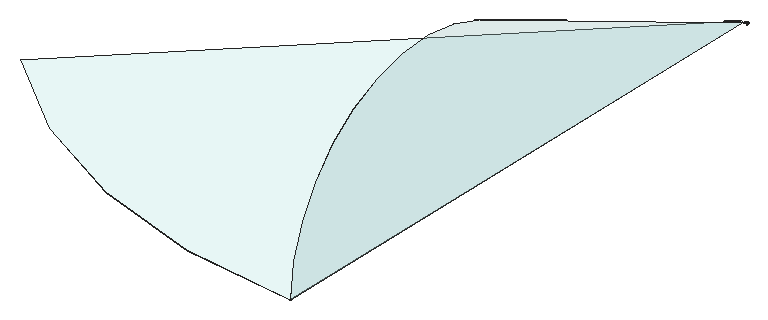
Revit family "Rotor XLR Series - XLRADJBSP", category Acessórios do tubo, Revit 2020
Family settings
  Cota do conector redondo = Utilizar diâmetro
  Tipo de parte = Normal
  Número OmniClass = 23.60.30.11.14
  Título OmniClass = Pipework Fittings
  Com base no plano de trabalho = Não
  Sempre na vertical = Sim
  Corte com vazios quando carregada = Não
  Compartilhado = Não
Parameters (values of type "Nozzle 1.10")
  Water = Water
  URL = "https://www.rainbird.com/"
  TABLE 90 = "TABLE 90psi"
  TABLE 80 = "TABLE 80psi"
  TABLE 60 = "TABLE 60psi"
  TABLE 70 = "TABLE 70psi"
  TABLE 50 = "TABLE 50psi"
  TABLE 40 = "TABLE 40psi"
  TABLE 30 = "TABLE 30psi"
  TABLE 120 = "TABLE 120psi"
  TABLE 110 = "TABLE 110psi"
  TABLE 100 = "TABLE 100psi"
  SupportProjetos: Reviw Date = ""  # constant formula
  SupportProjetos: Reviw = "R00"  # constant formula
  SupportProjetos: Level of Detail = "LOD 300"  # constant formula
  SupportProjetos: Developed = "MICHEL SOARES MOTA"  # constant formula
  SupportProjetos: Creation Date = "14/08/2020"  # constant formula
  Side inlet = no
  Rotation Water Visibility [instance] = Pop up on  # yes
  Rotation Angle [instance] = 45.00°
  RainBird: Product Link = "https://www.rainbird.com/"
  RainBird: Description = "XLRADJBSP Rotor "  # constant formula
  RainBird: Comment [instance] = ""
  RainBird: Code = "XLRADJBSP"  # constant formula
  Radius [instance] = if(and(Pressure = 30.0 psi, Instance < 10 ft), size_lookup(TABLE 30, "Radius", 0 ft, Instance), if(and(Pressure = 40.0 psi, Instance < 19 ft), size_lookup(TABLE 40, "Radius", 0 ft, Instance), if(and(Pressure = 50.0 psi, Instance < 19 ft), size_lookup(TABLE 50, "Radius", 0 ft, Instance), if(and(Pressure = 60.0 psi, Instance < 19 ft), size_lookup(TABLE 60, "Radius", 0 ft, Instance), if(and(Pressure = 70.0 psi, Instance < 19 ft), size_lookup(TABLE 70, "Radius", 0 ft, Instance), if(and(Pressure = 80.0 psi, Instance < 19 ft), size_lookup(TABLE 80, "Radius", 0 ft, Instance), if(and(Pressure = 90.0 psi, Instance < 19 ft), size_lookup(TABLE 90, "Radius", 0 ft, Instance), if(and(Pressure = 100.0 psi, Instance < 19 ft), size_lookup(TABLE 100, "Radius", 0 ft, Instance), if(and(Pressure = 110.0 psi, Instance < 19 ft), size_lookup(TABLE 100, "Radius", 0 ft, Instance), if(and(Pressure = 120.0 psi, Instance > 10 ft), size_lookup(TABLE 120, "Radius", 0 ft, Instance), 0 ft))))))))))  # 104 ft
  RT = 0.009893 ft
  RN = 0.044578 ft
  R5 = 0.03937 ft
  R4 = 0.052124 ft
  R3 = 0.065617 ft
  R2 = 0.088998 ft
  R1 = 0.032808 ft
  Pressure [instance] = 30.0 psi
  Pop up height = 0.164042 ft
  Pop up on [instance] = yes
  Modelo = "XLRADJNPT"  # constant formula
  Instance = 9 ft
  H1 = Body height / 3  # 0.047351 ft
  Gray Plastic = Gray Plastic
  Flow [instance] = if(and(Pressure = 30.0 psi, Instance < 10 ft), size_lookup(TABLE 30, "Flow", 0.0 GPM, Instance), if(and(Pressure = 40.0 psi, Instance < 19 ft), size_lookup(TABLE 40, "Flow", 0.0 GPM, Instance), if(and(Pressure = 50.0 psi, Instance < 19 ft), size_lookup(TABLE 50, "Flow", 0.0 GPM, Instance), if(and(Pressure = 60.0 psi, Instance < 19 ft), size_lookup(TABLE 60, "Flow", 0.0 GPM, Instance), if(and(Pressure = 70.0 psi, Instance < 19 ft), size_lookup(TABLE 70, "Flow", 0.0 GPM, Instance), if(and(Pressure = 80.0 psi, Instance < 19 ft), size_lookup(TABLE 80, "Flow", 0.0 GPM, Instance), if(and(Pressure = 90.0 psi, Instance < 19 ft), size_lookup(TABLE 90, "Flow", 0.0 GPM, Instance), if(and(Pressure = 100.0 psi, Instance < 19 ft), size_lookup(TABLE 100, "Flow", 0.0 GPM, Instance), if(and(Pressure = 110.0 psi, Instance < 19 ft), size_lookup(TABLE 100, "Flow", 0.0 GPM, Instance), if(and(Pressure = 120.0 psi, Instance > 10 ft), size_lookup(TABLE 120, "Flow", 0.0 GPM, Instance), 0.0 GPM))))))))))  # 189.0 GPM
  Fabricante = "Rain Bird"
  Elevação padrão = 0 ft
  Description = RainBird: Description  # "XLRADJBSP Rotor "
  DD13 = 0.002625 ft
  DD12 = 0.003937 ft
  DD11 = 0.009897 ft
  DD10 = 0.016404 ft
  DD8 [instance] = if(Pop up on, Pop up height, 0 ft)  # 0.164042 ft
  DD7 = 0.019685 ft
  DD6 [instance] = 0.016404 ft
  DD5 = 0.065617 ft
  DD4 = 0.82021 ft
  DD3 = 0.044055 ft
  DD2 [instance] = 0.024514 ft
  DD9 [instance] = if(Pop up on, Pop up height + 0.049541 ft, 0.026247 ft)  # 0.213583 ft
  DD1 = 0.006562 ft
  DD = 0.492126 ft
  Conection = 0.062664 ft  # constant formula
  Cobre = Cobre
  Body height = 0.142054 ft
  Blue = Blue Plastic
  Black Plastic = Black Plastic
  Angle = 24.00°
Types (10, lengths in ft): name | Radius | Instance | Flow | Angle
  (no name) | 104 | 9 | 189.0 GPM | 24.00°
  Nozzle 0.47 | 81 | 1 | 35.0 GPM | 25.00°
  Nozzle 0.55 | 88 | 2 | 48.0 GPM | 25.00°
  Nozzle 0.63 | 96 | 3 | 62.0 GPM | 25.00°
  Nozzle 0.71 | 98 | 4 | 78.0 GPM | 25.00°
  Nozzle 0.79 | 99 | 5 | 97.0 GPM | 25.00°
  Nozzle 0.87 | 101 | 6 | 117.0 GPM | 25.00°
  Nozzle 0.94 | 102 | 7 | 139.0 GPM | 25.00°
  Nozzle 1.02 | 103 | 8 | 164.0 GPM | 25.00°
  Nozzle 1.10 | 104 | 9 | 189.0 GPM | 24.00°
Reference planes (ft)
  plane 1 "Centro (Frente/Trás)": y = 0
  plane 2: z = 0
  plane 3 "Centro (Esquerda/Direita)": x = 0
  plane 4: z = 0.003937
  plane 5: z = 0.002625
  plane 6: y = -0.065617
Forms (ft)
  Revolve 1, solid, material "Cobre" <- "Cobre"
    sketch origin (0, 0, 0) x (1, 0, 0) y (0, 0, 1)
      loop
        line (0.088998, -0.044055) -> (0.088998, -0.016154) -> (0.110538, -0.016154) -> (0.110538, 0.02344)
        arc (0.110538, 0.02344) -> (0.108361, 0.028697) -> (0.103103, 0.030875) r 0.007435
        line (0.103103, 0.030875) -> (0.088998, 0.030875) -> (0.088998, 0.041745) -> (0.075211, 0.041745) -> (0.075211, 0.046088) -> (0.006562, 0.046088) -> (0.006562, -0.044055) -> (0.03937, -0.044055) -> (0.03937, -0.051181) -> (0.019685, -0.051181) -> (0.019685, -0.138545) -> (0.044578, -0.138545) -> (0.044578, -0.142054) -> (0.052124, -0.142054) -> (0.052124, -0.138545) -> (0.073088, -0.138545)
        arc (0.073088, -0.138545) -> (0.080084, -0.135647) -> (0.082981, -0.128652) r 0.009893
        line (0.082981, -0.128652) -> (0.082981, -0.044055) -> (0.088998, -0.044055)
      axis (0, -0.142054) -> (0, 0.046088)
    angle from 0 to 360
  Extrusion 2, solid, material "Water" <- "Water", visible <- "Rotation Water Visibility"
    sketch origin (0, 0, 0) x (0, 1, 0) y (0, 0, 1)
      loop
        line (-0.82021, 0.494751) -> (-61.375696, 27.45579)
        arc (-61.375696, 27.45579) -> (-90.239007, 25.482231) -> (-104.82021, 0.494751) r 30.901722
        line (-104.82021, 0.494751) -> (-0.82021, 0.494751)
    from -0.008202 to 0.008202
  Extrusion 3, solid, material "Gray Plastic" <- "Gray Plastic", visible <- "Pop up on"
    sketch origin (-0.00137, -0.002795, -0.035698) x (-0.00469, 0.999989, 0) y (0, 0, 1)
      loop
        line (-0.060666, 0.164299) -> (-0.067193, 0.150302) -> (-0.091523, 0.174632) -> (-0.076533, 0.180087) -> (-0.173316, 0.23824) -> (-0.173316, 0.217407) -> (-0.777521, 0.499153) -> (-0.786354, 0.485017)
        arc (-0.786354, 0.485017) -> (-0.787942, 0.475525) -> (-0.782353, 0.46769) r 0.012575
        line (-0.782353, 0.46769) -> (-0.563338, 0.330834) -> (-0.571008, 0.316408) -> (-0.564625, 0.307292)
        arc (-0.564625, 0.307292) -> (-0.552881, 0.296049) -> (-0.537729, 0.290157) r 0.041667
        line (-0.537729, 0.290157) -> (-0.503282, 0.284083) -> (-0.499035, 0.292071) -> (-0.201965, 0.134116) -> (-0.233075, 0.094297) -> (-0.213694, 0.081224) -> (-0.155969, 0.155109)
        arc (-0.155969, 0.155109) -> (-0.142811, 0.162859) -> (-0.127902, 0.159554) r 0.020833
        line (-0.127902, 0.159554) -> (-0.062866, 0.115687) -> (-0.062866, 0.094673) -> (-0.085994, 0.088245) -> (-0.070938, 0.081224) -> (0.037968, 0.081224) -> (0.040501, 0.065363) -> (0.040501, 0.035698) -> (0.04524, 0.035698) -> (0.050298, 0.081224) -> (0.050298, 0.100559) -> (0.072978, 0.106863)
        arc (0.072978, 0.106863) -> (0.078924, 0.117387) -> (0.068401, 0.123333) r 0.008547
        line (0.068401, 0.123333) -> (0.050298, 0.110657) -> (0.050298, 0.157737)
        arc (0.050298, 0.157737) -> (0.048376, 0.162377) -> (0.043737, 0.164299) r 0.006562
        line (0.043737, 0.164299) -> (-0.060666, 0.164299)
      loop
        line (-0.034211, 0.143466) -> (-0.034211, 0.125376) -> (-0.014598, 0.11623) -> (0.01821, 0.11623) -> (0.040501, 0.108117) -> (0.040501, 0.143466) -> (-0.034211, 0.143466)
      loop
        line (-0.034211, 0.107286) -> (-0.014889, 0.094253) -> (0.040501, 0.094253) -> (0.040501, 0.104202) -> (0.016551, 0.106863) -> (-0.016257, 0.106863) -> (-0.034211, 0.118973) -> (-0.034211, 0.107286)
      loop
        line (-0.489598, 0.297212) -> (-0.199671, 0.149812) -> (-0.182085, 0.167398)
        arc (-0.182085, 0.167398) -> (-0.179498, 0.175243) -> (-0.184266, 0.18199) r 0.009177
        line (-0.184266, 0.18199) -> (-0.471989, 0.334974) -> (-0.489598, 0.297212)
    from -0.012219 to 0.012755
  Blend 4, solid, material "Gray Plastic" <- "Gray Plastic"
    base sketch origin (0, 0, 0.06238) x (1, 0, 0) y (0, 0, 1)
      loop
        circle (-0.001423, 0.087635) r 0.041667
    top sketch origin (0, 0, 0.06238) x (1, 0, 0) y (0, 0, 1)
      loop
        circle (0.000866, 0.336735) r 0.028016
    from 0 to 0.579976
  Extrusion 5, solid, material "Black Plastic" <- "Black Plastic"
    sketch origin (0, 0, 0) x (0, 1, 0) y (0, 0, 1)
      loop
        line (-0.579976, 0.3711) -> (-0.579976, 0.426781) -> (-0.609736, 0.440658) -> (-0.644818, 0.440658) -> (-0.696216, 0.454431) -> (-0.70502, 0.435549) -> (-0.648376, 0.409136) -> (-0.579976, 0.3711)
      loop
        line (-0.780261, 0.463406) -> (-0.726759, 0.438458) -> (-0.737248, 0.463167) -> (-0.776875, 0.476043) -> (-0.780261, 0.463406)
    from -0.0135 to 0.012198
  Extrusion 6, solid, material "Black Plastic" <- "Black Plastic"
    sketch origin (0, 0, 0) x (1, 0, 0) y (0, 1, 0)
      loop
        line (-0.048613, 0.053206) -> (-0.048613, -0.057819) -> (0.046082, -0.057819) -> (0.046082, 0.053206) -> (-0.048613, 0.053206)
      loop
        line (-0.013931, 0.047562) -> (-0.013931, -0.04228) -> (0.011642, -0.04228) -> (0.011642, 0.047562) -> (-0.013931, 0.047562)
    from 0.107768 to 0.175306
Dimensions and locks (ft)
  "Body height": level to Revolve 1 sketch curve
  "R2": Revolve 1 sketch curve to plane 3 "Centro (Esquerda/Direita)"
  "DD3": level to Revolve 1 sketch curve
  Revolve 1 sketch curve to plane 3 "Centro (Esquerda/Direita)" = 0.082981 ft
  "R4": Revolve 1 sketch curve to plane 3 "Centro (Esquerda/Direita)"
  "RN": Revolve 1 sketch curve to plane 3 "Centro (Esquerda/Direita)"
  "DD7": Revolve 1 sketch curve to plane 3 "Centro (Esquerda/Direita)"
  "DD12": plane 4 to level
  "DD13": plane 5 to level
  "R3": plane 6 to plane 1 "Centro (Frente/Trás)"
  "DD4": plane 1 "Centro (Frente/Trás)" to Extrusion 2 sketch curve
  "Radius": Extrusion 2 sketch curve to Extrusion 2 sketch curve
  equal spacing: Extrusion 2, plane 3 "Centro (Esquerda/Direita)", Extrusion 2
  "DD6": Extrusion 2 to Extrusion 2
  "DD": Extrusion 2 sketch curve to plane 5
  "RT": radius of Revolve 1 sketch curve
  "Angle": angle Extrusion 2 sketch curve to Extrusion 2 sketch curve
  aligned and locked: level to plane 2
  aligned and locked: Revolve 1 sketch curve to Revolve 1 sketch curve
Automatic sketch dimensions
  Blend 4 sketch curve to plane 3 "Centro (Esquerda/Direita)" = 0.001423 ft
  plane 4 to Blend 4 sketch curve = 0.146078 ft
  plane 3 "Centro (Esquerda/Direita)" to Blend 4 sketch curve = 0.000866 ft
  plane 4 to Blend 4 sketch curve = 0.395179 ft
  Extrusion 5 sketch curve to plane 6 = 0.711258 ft
  Extrusion 5 sketch curve to Extrusion 5 sketch curve = 0.039627 ft
  Extrusion 5 sketch curve to Extrusion 5 sketch curve = 0.032227 ft
  plane 4 to Extrusion 5 sketch curve = 0.450494 ft
  Extrusion 5 sketch curve to Extrusion 5 sketch curve = 0.008805 ft
  Extrusion 5 sketch curve to Extrusion 5 sketch curve = 0.056644 ft
  Extrusion 5 sketch curve to Extrusion 5 sketch curve = 0.003558 ft
  Extrusion 5 sketch curve to Extrusion 5 sketch curve = 0.035082 ft
  Extrusion 5 sketch curve to Extrusion 5 sketch curve = 0.02976 ft
  Extrusion 5 sketch curve to Extrusion 5 sketch curve = 0.013772 ft
  Extrusion 5 sketch curve to Extrusion 5 sketch curve = 0.018881 ft
  Extrusion 5 sketch curve to Extrusion 5 sketch curve = 0.013877 ft
  Extrusion 5 sketch curve to Extrusion 5 sketch curve = 0.055681 ft
  Extrusion 5 sketch curve to Extrusion 5 sketch curve = 0.008737 ft
  Extrusion 5 sketch curve to Extrusion 5 sketch curve = 0.012876 ft
  Extrusion 5 sketch curve to Extrusion 5 sketch curve = 0.003386 ft
  Extrusion 5 sketch curve to Extrusion 5 sketch curve = 0.021739 ft
  Extrusion 5 sketch curve to Extrusion 5 sketch curve = 0.002909 ft
  Extrusion 5 sketch curve to Extrusion 5 sketch curve = 0.012637 ft
  level to Extrusion 3 sketch curve = 0 ft
  plane 4 to Extrusion 3 sketch curve = 0.445383 ft
  plane 4 to Extrusion 3 sketch curve = 0.428055 ft
  Extrusion 3 sketch curve to Extrusion 3 sketch curve = 0.004 ft
  plane 4 to Extrusion 3 sketch curve = 0.459518 ft
  Extrusion 3 sketch curve to Extrusion 3 sketch curve = 0.008833 ft
  Extrusion 3 sketch curve to Extrusion 3 sketch curve = 0.010664 ft
  plane 4 to Extrusion 3 sketch curve = 0.276773 ft
  Extrusion 3 sketch curve to Extrusion 3 sketch curve = 0.211345 ft
  plane 4 to Extrusion 3 sketch curve = 0.267657 ft
  Extrusion 3 sketch curve to Extrusion 3 sketch curve = 0.006383 ft
  plane 4 to Extrusion 3 sketch curve = 0.291199 ft
  Extrusion 3 sketch curve to Extrusion 3 sketch curve = 0.00767 ft
  plane 4 to Extrusion 3 sketch curve = 0.250523 ft
  Extrusion 3 sketch curve to Extrusion 3 sketch curve = 0.026896 ft
  Extrusion 3 sketch curve to Extrusion 3 sketch curve = 0.032844 ft
  plane 4 to Extrusion 3 sketch curve = 0.244449 ft
  Extrusion 3 sketch curve to Extrusion 3 sketch curve = 0.034447 ft
  plane 4 to Extrusion 3 sketch curve = 0.252436 ft
  Extrusion 3 sketch curve to Extrusion 3 sketch curve = 0.004247 ft
  plane 4 to Extrusion 3 sketch curve = 0.257577 ft
  Extrusion 3 sketch curve to Extrusion 3 sketch curve = 0.009437 ft
  plane 4 to Extrusion 3 sketch curve = 0.29534 ft
  Extrusion 3 sketch curve to Extrusion 3 sketch curve = 0.017609 ft
  plane 4 to Extrusion 3 sketch curve = 0.054662 ft
  Extrusion 3 sketch curve to Extrusion 3 sketch curve = 0.256523 ft
  plane 4 to Extrusion 3 sketch curve = 0.041589 ft  (x2)
  Extrusion 3 sketch curve to Extrusion 3 sketch curve = 0.019381 ft
  plane 4 to Extrusion 3 sketch curve = 0.094481 ft
  plane 4 to Extrusion 3 sketch curve = 0.110178 ft
  Extrusion 3 sketch curve to Extrusion 3 sketch curve = 0.002294 ft
  Extrusion 3 sketch curve to Extrusion 3 sketch curve = 0.011097 ft
  plane 4 to Extrusion 3 sketch curve = 0.142355 ft
  Extrusion 3 sketch curve to Extrusion 3 sketch curve = 0.004308 ft
  plane 4 to Extrusion 3 sketch curve = 0.127763 ft
  Extrusion 3 sketch curve to Extrusion 3 sketch curve = 0.006489 ft
  Extrusion 3 sketch curve to Extrusion 3 sketch curve = 0.01095 ft
  plane 4 to Extrusion 3 sketch curve = 0.115474 ft
  Extrusion 3 sketch curve to Extrusion 3 sketch curve = 0.026117 ft
  Extrusion 3 sketch curve to Extrusion 3 sketch curve = 0.016417 ft
  plane 4 to Extrusion 3 sketch curve = 0.119919 ft
  Extrusion 3 sketch curve to Extrusion 3 sketch curve = 0.01165 ft
  plane 4 to Extrusion 3 sketch curve = 0.134997 ft
  Extrusion 3 sketch curve to Extrusion 3 sketch curve = 0.036379 ft
  plane 4 to Extrusion 3 sketch curve = 0.04861 ft
  Extrusion 3 sketch curve to Extrusion 3 sketch curve = 0.053557 ft
  plane 4 to Extrusion 3 sketch curve = 0.140453 ft
  Extrusion 3 sketch curve to Extrusion 3 sketch curve = 0.01499 ft
  Extrusion 3 sketch curve to Extrusion 3 sketch curve = 0.015057 ft
  plane 4 to Extrusion 3 sketch curve = 0.110667 ft
  Extrusion 3 sketch curve to Extrusion 3 sketch curve = 0.00934 ft
  plane 4 to Extrusion 3 sketch curve = 0.055039 ft
  Extrusion 3 sketch curve to Extrusion 3 sketch curve = 0.008072 ft
  plane 4 to Extrusion 3 sketch curve = 0.124664 ft
  Extrusion 3 sketch curve to Extrusion 3 sketch curve = 0.006527 ft
  plane 4 to Extrusion 3 sketch curve = 0.067651 ft
  Extrusion 3 sketch curve to Extrusion 3 sketch curve = 0.028655 ft
  Extrusion 3 sketch curve to Extrusion 3 sketch curve = 0 ft  (x3)
  plane 4 to Extrusion 3 sketch curve = 0.067228 ft  (x2)
  Extrusion 3 sketch curve to Extrusion 3 sketch curve = 0.017953 ft
  Extrusion 3 sketch curve to Extrusion 3 sketch curve = 0.001369 ft
  Extrusion 3 sketch curve to Extrusion 3 sketch curve = 0.001659 ft  (x2)
  Extrusion 3 sketch curve to Extrusion 3 sketch curve = 0.031149 ft
  Extrusion 3 sketch curve to Extrusion 3 sketch curve = 0.021417 ft
  plane 4 to Extrusion 3 sketch curve = 0.025729 ft
  Extrusion 3 sketch curve to Extrusion 3 sketch curve = 0.002534 ft  (x2)
  Extrusion 3 sketch curve to Extrusion 3 sketch curve = 0.022291 ft
  Extrusion 3 sketch curve to Extrusion 3 sketch curve = 0.003235 ft
  Extrusion 3 sketch curve to Extrusion 3 sketch curve = 0.004739 ft
  plane 4 to Extrusion 3 sketch curve = 0.071023 ft
  Extrusion 3 sketch curve to Extrusion 3 sketch curve = 0.009797 ft
  plane 4 to Extrusion 3 sketch curve = 0.060925 ft
  plane 4 to Extrusion 3 sketch curve = 0.083698 ft
  Extrusion 3 sketch curve to Extrusion 3 sketch curve = 0.018102 ft
  Extrusion 3 sketch curve to Extrusion 3 sketch curve = 0.002289 ft  (x2)
  Extrusion 3 sketch curve to Extrusion 3 sketch curve = 0.006306 ft
  Extrusion 3 sketch curve to Extrusion 3 sketch curve = 0.009949 ft
  Extrusion 3 sketch curve to Extrusion 3 sketch curve = 0.003915 ft
  Extrusion 3 sketch curve to Extrusion 3 sketch curve = 0.021013 ft
  Extrusion 3 sketch curve to Extrusion 3 sketch curve = 0.009367 ft
  Extrusion 3 sketch curve to Extrusion 3 sketch curve = 0.011687 ft
  Extrusion 3 sketch curve to Extrusion 3 sketch curve = 0.006403 ft
  Extrusion 3 sketch curve to Extrusion 3 sketch curve = 0.01809 ft
  Extrusion 3 sketch curve to Extrusion 3 sketch curve = 0.035417 ft
  Extrusion 3 sketch curve to Extrusion 3 sketch curve = 0.020833 ft
  plane 6 to Extrusion 6 sketch curve = 0.007798 ft
  Extrusion 6 sketch curve to plane 3 "Centro (Esquerda/Direita)" = 0.048613 ft
  Extrusion 6 sketch curve to plane 3 "Centro (Esquerda/Direita)" = 0.013931 ft
  plane 3 "Centro (Esquerda/Direita)" to Extrusion 6 sketch curve = 0.011642 ft
  Extrusion 6 sketch curve to Extrusion 6 sketch curve = 0.034439 ft
  plane 6 to Extrusion 6 sketch curve = 0.023337 ft
  Extrusion 6 sketch curve to plane 1 "Centro (Frente/Trás)" = 0.047562 ft
  Extrusion 6 sketch curve to Extrusion 6 sketch curve = 0.005644 ft
  Revolve 1 sketch curve to plane 3 "Centro (Esquerda/Direita)" = 0 ft
  plane 3 "Centro (Esquerda/Direita)" to Revolve 1 sketch curve = 0.006562 ft
  Revolve 1 sketch curve to Revolve 1 sketch curve = 0.019685 ft
  Revolve 1 sketch curve to Revolve 1 sketch curve = 0.013787 ft  (x2)
  Revolve 1 sketch curve to Revolve 1 sketch curve = 0.014105 ft
  Revolve 1 sketch curve to Revolve 1 sketch curve = 0.007435 ft
  Revolve 1 sketch curve to Revolve 1 sketch curve = 0.003509 ft
  Revolve 1 sketch curve to level = 0.051181 ft
  Revolve 1 sketch curve to Revolve 1 sketch curve = 0.007127 ft
  Revolve 1 sketch curve to level = 0.016154 ft
  plane 4 to Revolve 1 sketch curve = 0.019503 ft
  Revolve 1 sketch curve to Revolve 1 sketch curve = 0.010871 ft
  Revolve 1 sketch curve to Revolve 1 sketch curve = 0.004343 ft
  Revolve 1 sketch curve to Revolve 1 sketch curve = 0.074191 ft
  Revolve 1 sketch curve to Revolve 1 sketch curve = 0.918635 ft
  Extrusion 2 sketch curve to level = 0.774337 ft
  radius of Blend 4 sketch curve = 0.041667 ft
  radius of Blend 4 sketch curve = 0.028016 ft
Nested families (ft)
  nested 1: "Water" at (0.00015, 0, 0.375492) x (0, -1, 0) z (0, 0, 1), DT9 <- "DD4", Radius <- "Radius", visible <- "Rotation Water Visibility", Rotation Angle <- "Rotation Angle", type "Water"
    with Rotation Angle 45.00°, Radius 104 ft, DT9 0.82021 ft, DT8 0 ft, DT7 416 ft, DT4 520 ft, Angle 2 315.00°
Connectors (ft)
  piping at (0, 0, -0.142054), diameter 2
    settings: on Revolve 1, index 1, connector inside diameter 609.6 mm, connector length 0 ft, flow factor 0, pipe flow 0.0 GPM, pressure drop 0.0 psi, fitting loss kfactor 0, connector angle 0.00°, fixture units 0, engagement length 0 ft, angle of deflection 0.00°, flow configuration 0, flow direction 0, fitting loss method 0, system type 28, joint type 0, gender type 0, connector reference index -1, connector utility 0, adjustable connector no, is connector primary yes, connector description ""
Definition of nested family "Water"
  Parameters (values of type "Water")
    Water Visibility (Circle) = yes
    Water = none
    URL = ""
    SupportProjetos: Reviw Date = ""  # constant formula
    SupportProjetos: Level of Detail = "LOD 300"  # constant formula
    SupportProjetos: Developed = "MICHEL SOARES MOTA"  # constant formula
    SupportProjetos: Creation Date = "16/07/2020"  # constant formula
    Rotation Angle [instance] = 90.00°
    Reviw = "R00"  # constant formula
    Radius [instance] = 14 ft
    Model = ""
    Default Elevation = 4 ft
    Description = ""
    DT9 [instance] = 0.032808 ft
    DT8 [instance] = if(Rotation Angle = 360.00°, 10 ft, 0 ft)  # 0 ft
    DT7 [instance] = 4 * Radius  # 56 ft
    DT4 [instance] = 5 * Radius  # 70 ft
    DT2 = 0.098425 ft  # constant formula
    DT6 = 0 ft
    Angle 2 [instance] = if(Rotation Angle = 360.00°, 180.00°, 360.00° - Rotation Angle)  # 270.00°
  Reference planes (ft)
    plane 1 "Centro (Frente/Trás)": y = 0
    plane 2: z = 0
    plane 3 "Centro (Esquerda/Direita)": x = 0
  Forms (ft)
    Revolve 1, solid, material <- "Water", visible <- "Water Visibility (Circle)"
      sketch origin (0, 0, 0) x (1, 0, 0) y (0, 0, 1)
        loop
          line (0.032808, 0.098425) -> (14.032808, 0.098425) -> (14.032808, 0.119259) -> (0.032808, 0.119259) -> (0.032808, 0.098425)
        axis (0, 0.098425) -> (0, 0.119259)
      angle from 0 to 360
    Extrusion 2, void
      sketch origin (0, 0, 0) x (1, 0, 0) y (0, 1, 0)
        loop
          line (0, 0) -> (70, 0) -> (70, 56)
          arc (70, 56) -> (-70.459018, 51.588344) -> (0, -70) r 81.847109
          line (0, -70) -> (0, 0)
      from 0 to 15.189231
  Cuts and joins
    Extrusion 2 cuts Revolve 1
  Dimensions and locks (ft)
    "DT2": Revolve 1 sketch curve to level
    "DT4": Extrusion 2 sketch curve to Extrusion 2 sketch curve  (x2)
    "DT6": Extrusion 2 sketch curve to plane 3 "Centro (Esquerda/Direita)"
    "DT7": Extrusion 2 sketch curve to Extrusion 2 sketch curve
    "DT8": cut or joined group of Revolve 1, Extrusion 2 to level
    "Radius": Revolve 1 sketch curve to Revolve 1 sketch curve
    "DT9": Revolve 1 sketch curve to plane 3 "Centro (Esquerda/Direita)"
    "Angle 2": angle Extrusion 2 sketch curve to Extrusion 2 sketch curve
    aligned and locked: level to plane 2
    aligned and locked: plane 1 "Centro (Frente/Trás)" to Extrusion 2 sketch curve
  Automatic sketch dimensions
    plane 3 "Centro (Esquerda/Direita)" to Extrusion 2 sketch curve = 1.088227 ft
    Revolve 1 sketch curve to plane 3 "Centro (Esquerda/Direita)" = 0 ft
    Revolve 1 sketch curve to Revolve 1 sketch curve = 0.020833 ft
    Revolve 1 sketch curve to Revolve 1 sketch curve = 0.032113 ft
    Revolve 1 sketch curve to Revolve 1 sketch curve = 10.2693 ft
